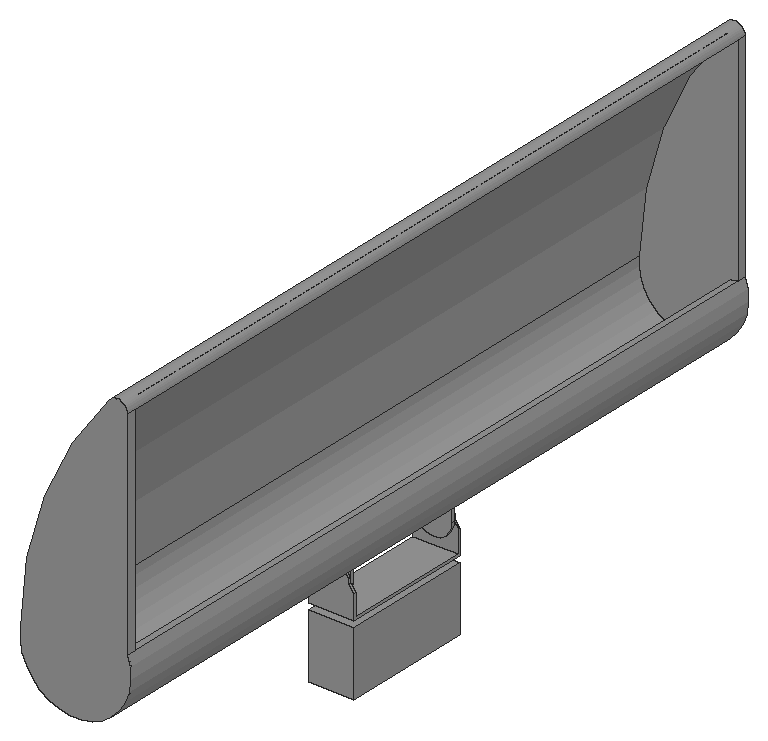
Revit family "Alcon-13252-Revit-Family", category Generic Models, host Face, Revit 2023
Family settings
  Host = Face
  Can host rebar = No
  Round Connector Dimension = Use Diameter
  Part Type = Normal
  Cut with Voids When Loaded = No
  Maintain Annotation Orientation = No
  Shared = No
  Room Calculation Point = No
Parameters (values of type "12"")
  URL = "https://www.alconlighting.com/"
  Product Page = "https://www.alconlighting.com/13252-metropolitan.html"
  Model = "13252"
  Manufacturer = "Alcon Lighting"
  Housing = Housing
  Fixture Rotation = 90.00°
  Default Elevation = 4' - 0"
  8" = no
  12" = yes
Types (3): name | Manufacturer | 8" | 12"
  (no name) | "Alcon Lighting" | no | yes
  8" | "Alcon Ligthing" | yes | no
  12" | "Alcon Lighting" | no | yes
Reference planes (in)
  plane 1 "Center (Front/Back)": y = 0
  plane 2: z = 0
  plane 3 "Center (Left/Right)": x = 0
Forms (in)
  Extrusion 1, solid, material "Housing" <- "Housing"
    sketch origin (0, 0, 0) x (1, 0, 0) y (0, 0, 1)
      loop
        line (-0.35212, 1.10441) -> (0.35212, 1.10441) -> (0.35212, 1.47099) -> (0.27939, 1.59202)
        arc (0.27939, 1.59202) -> (0, 1.83875) -> (-0.27939, 1.59202) r 0.28156
        line (-0.27939, 1.59202) -> (-0.35212, 1.47099) -> (-0.35212, 1.10441)
    from -1.03125 to 1.03125
  Extrusion 2, void
    sketch origin (0, 0, 0) x (0, 1, 0) y (0, 0, 1)
      loop
        line (-1, 1.84729) -> (-1, 1.13566) -> (1, 1.13566) -> (1, 1.84729) -> (-1, 1.84729)
    from -0.35212 to 0.35212
  Extrusion 3, solid, material "Housing" <- "Housing"
    sketch origin (0, 0, 0) x (1, 0, 0) y (0, 1, 0)
      loop
        line (-0.35212, 1.03125) -> (-0.35212, -1.03125) -> (0.35212, -1.03125) -> (0.35212, 1.03125) -> (-0.35212, 1.03125)
    from 0 to 1.00398
  Extrusion 4, solid, material "Housing" <- "Housing"
    sketch origin (0, 0, 1.00398) x (1, 0, 0) y (0, 1, 0)
      loop
        circle (-0.04572, 0) r 0.13152
    from 0 to 0.10044
Cuts and joins
  Extrusion 2 cuts Extrusion 1
Lines and regions (in)
  reference lines
    curve 1: line (-3.10628, 0, 1.55719) -> (3.56014, 0, 1.55719)
  model lines
    curve 2: line (0, 0.96875, 1.52464) -> (0, 0.96875, 1.2767)
Dimensions and locks (in)
  Extrusion 2 to curve 1 = 0' - 0.42153"
  "Fixture Rotation": angle nested 1 to curve 1
  "Fixture Rotation": angle curve 1 to nested 2
  aligned and locked: plane 2 to host face
  aligned and locked: level to host face
  aligned and locked: Extrusion 2 to Extrusion 1
  aligned and locked: Extrusion 1 to Extrusion 2
  aligned and locked: Extrusion 3 to level
  aligned and locked: Extrusion 4 to cut or joined group of Extrusion 1, Extrusion 2
  aligned and locked: Extrusion 4 to Extrusion 3
Automatic sketch dimensions
  host sketch curve to host sketch curve = 8' - 0"  (x2)
  curve 1 to plane 3 "Center (Left/Right)" = 0' - 3.10628"
  level to curve 1 = 0' - 1.55719"
  plane 3 "Center (Left/Right)" to curve 1 = 0' - 3.56014"
  Extrusion 1 sketch curve to plane 3 "Center (Left/Right)" = 0' - 0"
  plane 3 "Center (Left/Right)" to Extrusion 1 sketch curve = 0' - 0.35212"
  level to Extrusion 1 sketch curve = 0' - 1.10441"
  Extrusion 1 sketch curve to Extrusion 1 sketch curve = 0' - 0.45278"
  Extrusion 1 sketch curve to Extrusion 1 sketch curve = 0' - 0.07272"  (x2)
  Extrusion 1 sketch curve to Extrusion 1 sketch curve = 0' - 0.0862"  (x2)
  Extrusion 1 sketch curve to plane 3 "Center (Left/Right)" = 0' - 0.35212"
  Extrusion 1 sketch curve to Extrusion 1 sketch curve = 0' - 0.12103"
  level to curve 2 = 0' - 1.2767"
  curve 2 to plane 1 "Center (Front/Back)" = 0' - 0 31/32"
  curve 2 to curve 2 = 0' - 0.24793"
  plane 1 "Center (Front/Back)" to Extrusion 2 sketch curve = 0' - 1"
  level to Extrusion 2 sketch curve = 0' - 1.13566"
  Extrusion 2 sketch curve to plane 1 "Center (Front/Back)" = 0' - 1"
  Extrusion 2 sketch curve to Extrusion 2 sketch curve = 0' - 0.71162"
  Extrusion 3 sketch curve to plane 3 "Center (Left/Right)" = 0' - 0.35212"
  plane 3 "Center (Left/Right)" to Extrusion 3 sketch curve = 0' - 0.35212"
  plane 1 "Center (Front/Back)" to Extrusion 3 sketch curve = 0' - 1 1/32"
  Extrusion 3 sketch curve to plane 1 "Center (Front/Back)" = 0' - 1 1/32"
  Extrusion 4 sketch curve to Extrusion 3 = 0' - 0.30639"
  Extrusion 4 sketch curve to Extrusion 3 = 0' - 1 1/32"
  radius of Extrusion 4 sketch curve = 0' - 0.13152"
Nested families (in)
  nested 1: "Alcon-13252-8-Housing-Revit-Family" at (0, 0, 1.55719) x (1, 0, 0) z (0, -1, 0), visible <- "8"", type "Alcon-13252-8-Housing-Revit-Family"
    with built-in parameter 1001306 0.5 (stored number, unit not read)
  nested 2: "Alcon-13252-12-Housing-Revit-Family" at (0, 0, 1.55719) x (1, 0, 0) z (0, -1, 0), visible <- "12"", type "Alcon-13252-12-Housing-Revit-Family"
    with built-in parameter 1001306 0.33333 (stored number, unit not read)
Definition of nested family "Alcon-13252-8-Housing-Revit-Family"
  Parameters (values of type "Alcon-13252-8-Housing-Revit-Family")
    Wattage = 9.2903 W
    built-in parameter 1150110 = 1 (stored number, unit not read)
    built-in parameter 1114217 = 1 (stored number, unit not read)
    Tilt Angle = 90.00°
    built-in parameter 1150109 = 1 (stored number, unit not read)
    built-in parameter 1150134 = 3
    built-in parameter 1150113 = 1 (stored number, unit not read)
    Photometric Web File = "Alcon-13252-8-IES.ies"
    built-in parameter 1150105 = 109.82 (stored number, unit not read)
    Lumens = 1380 lm
    built-in parameter 1150115 = 1 (stored number, unit not read)
    built-in parameter 1150137 = (empty or 0)
    built-in parameter 1150139 = (empty or 0)
    built-in parameter 1001306 [instance] = 4' - 0"
    built-in parameter 1150112 = 1 (stored number, unit not read)
    built-in parameter 1150114 = 1 (stored number, unit not read)
    built-in parameter 1150132 = (empty or 0)
    built-in parameter 1150102 = (empty or 0)
    built-in parameter 1150107 = 3200 (stored number, unit not read)
    built-in parameter 1150138 = (empty or 0)
    built-in parameter 1150106 = 1.0982 (stored number, unit not read)
    Housing = none
    Emit from Rectangle Width = 0' - 7 3/4"
    Emit from Rectangle Length = 0' - 0 1/2"
    Emit Shape Visible in Rendering = yes
    built-in parameter 1150104 = 13.8 (stored number, unit not read)
    Dimming Lamp Color Temperature Shift = (empty or 0)
    Default Elevation = 0' - 0"
    Color Filter = 16777215
    built-in parameter 1114218 = 1 (stored number, unit not read)
    built-in parameter 1150133 = 10 (stored number, unit not read)
  Reference planes (in)
    plane 1 "Center (Front/Back)": y = 0
    plane 2: z = 0
    plane 3 "Left": x = 0
    plane 4 "Right": x = 48
  Forms (in)
    Extrusion 1, solid, material <- "Housing"
      sketch origin (0, 0, 0) x (1, 0, 0) y (0, 1, 0)
        loop
          arc (-0.85776, 1.21749) -> (0.09764, 0.24887) -> (0.81133, 1.40716) r 0.86471
          line (0.81133, 1.40716) -> (0.81133, 4.76644)
          arc (0.81133, 4.76644) -> (0.70732, 4.91598) -> (0.53093, 4.87048) r 0.1595
          arc (0.53093, 4.87048) -> (-0.48384, 3.1658) -> (-0.85776, 1.21749) r 5.74048
      from -4 to 4
    Extrusion 2, void
      sketch origin (0, 0, 0) x (1, 0, 0) y (0, 1, 0)
        loop
          arc (0.62568, 4.78894) -> (-0.36828, 3.11803) -> (-0.73288, 1.20832) r 5.61548
          arc (-0.73288, 1.20832) -> (0.09085, 0.37394) -> (0.68633, 1.38396) r 0.73971
          line (0.68633, 1.38396) -> (0.81133, 1.40716) -> (0.81133, 4.76644) -> (0.68633, 4.76644)
          arc (0.68633, 4.76644) -> (0.66383, 4.79879) -> (0.62568, 4.78894) r 0.0345
      from -3.875 to 3.875
    Extrusion 3, solid, material <- "Housing"
      sketch origin (0, 0, 0) x (1, 0, 0) y (0, 1, 0)
        loop
          arc (-0.27859, -0.03255) -> (0.0163, -0.28001) -> (0.28049, 0) r 0.28049
          line (0.28049, 0) -> (0.28049, 0.29009)
          arc (0.28049, 0.29009) -> (0.001, 0.24334) -> (-0.27859, 0.28945) r 0.86471
          line (-0.27859, 0.28945) -> (-0.27859, -0.03255)
      from -1 to 1
    Extrusion 4, void
      sketch origin (0, 0, 0) x (0, 1, 0) y (0, 0, 1)
        loop
          line (0.2582, 0.96875) -> (-0.28409, 0.96875) -> (-0.28409, -0.96875) -> (0.2582, -0.96875) -> (0.2582, 0.96875)
      from -0.27859 to 0.28049
  Cuts and joins
    Extrusion 2, Extrusion 4 cuts Extrusion 1
    Extrusion 4 cuts Extrusion 3
  Lines and regions (in)
    reference lines
      curve 1: line (0, 0, 0) -> (48, 0, 0)
      curve 2: line (0, 8.25, 4) -> (0, -4.75, 4)
      curve 3: line (0, 8.25, -4) -> (0, -4.75, -4)
      curve 4: line (0, 8.25, 3.875) -> (0, -4.75, 3.875)
      curve 5: line (0, 8.25, -3.875) -> (0, -4.75, -3.875)
    model lines
      curve 6: line (0, 0, 0) -> (0, 14, 0)
  Dimensions and locks (in)
    "built-in parameter 1001306": plane 3 "Left" to plane 4 "Right"
    aligned and locked: plane 4 "Right" to curve 1
    aligned and locked: plane 1 "Center (Front/Back)" to curve 1
    aligned and locked: plane 3 "Left" to curve 1
    aligned and locked: level to plane 2
    aligned and locked: curve 3 to Extrusion 1
    aligned and locked: Extrusion 1 to curve 2
    aligned and locked: curve 5 to Extrusion 2
    aligned and locked: Extrusion 2 to curve 4
    aligned and locked: cut or joined group of Extrusion 3, Extrusion 4 to Extrusion 4
    aligned and locked: Extrusion 4 to cut or joined group of Extrusion 3, Extrusion 4
  Automatic sketch dimensions
    Extrusion 1 sketch curve to plane 3 "Left" = 0' - 0"
    plane 3 "Left" to Extrusion 1 sketch curve = 0' - 0.65183"
    Extrusion 1 sketch curve to Extrusion 1 sketch curve = 0' - 0.1595"
    Extrusion 1 sketch curve to plane 1 "Center (Front/Back)" = 0' - 1.12597"
    Extrusion 1 sketch curve to Extrusion 1 sketch curve = 0' - 4.07066"
    Extrusion 1 sketch curve to plane 1 "Center (Front/Back)" = 0' - 1.10805"
    Extrusion 1 sketch curve to Extrusion 1 sketch curve = 0' - 3.65839"
    Extrusion 1 sketch curve to plane 3 "Left" = 0' - 0.85776"
    Extrusion 1 sketch curve to Extrusion 1 sketch curve = 0' - 0"
    level to curve 2 = 0' - 4"
    curve 3 to level = 0' - 4"
    plane 1 "Center (Front/Back)" to curve 2 = 0' - 4 3/4"
    plane 1 "Center (Front/Back)" to curve 3 = 0' - 4 3/4"
    curve 3 to plane 1 "Center (Front/Back)" = 0' - 8 1/4"
    curve 2 to curve 3 = 0' - 0"
    curve 4 to curve 2 = 0' - 0"  (x2)
    curve 4 to curve 2 = 0' - 0 1/8"
    curve 5 to curve 3 = 0' - 0"  (x2)
    curve 3 to curve 5 = 0' - 0 1/8"
    Extrusion 2 sketch curve to plane 3 "Left" = 0' - 0"
    plane 3 "Left" to Extrusion 2 sketch curve = 0' - 0.65183"
    Extrusion 2 sketch curve to plane 1 "Center (Front/Back)" = 0' - 1.12597"
    Extrusion 2 sketch curve to Extrusion 2 sketch curve = 0' - 4.07066"
    Extrusion 2 sketch curve to plane 1 "Center (Front/Back)" = 0' - 1.10805"
    Extrusion 2 sketch curve to plane 3 "Left" = 0' - 0.73288"
    Extrusion 2 sketch curve to Extrusion 2 sketch curve = 0' - 0 1/8"
    Extrusion 2 sketch curve to Extrusion 2 sketch curve = 0' - 0.2759"
    Extrusion 2 sketch curve to Extrusion 2 sketch curve = 0' - 0.02321"
    plane 3 "Left" to Extrusion 2 sketch curve = 0' - 0.68633"
    Extrusion 2 sketch curve to Extrusion 2 sketch curve = 0' - 0.0345"
    Extrusion 2 sketch curve to Extrusion 2 sketch curve = 0' - 3.35927"
    Extrusion 3 sketch curve to plane 3 "Left" = 0' - 0"  (x2)
    plane 1 "Center (Front/Back)" to Extrusion 3 sketch curve = 0' - 0"
    Extrusion 3 sketch curve to plane 1 "Center (Front/Back)" = 0' - 0.28945"
    Extrusion 3 sketch curve to plane 1 "Center (Front/Back)" = 0' - 0.29009"
    plane 1 "Center (Front/Back)" to Extrusion 3 sketch curve = 0' - 0.03255"
    plane 3 "Left" to Extrusion 3 sketch curve = 0' - 0.28049"
    Extrusion 4 sketch curve to plane 1 "Center (Front/Back)" = 0' - 0.2582"
    Extrusion 4 sketch curve to level = 0' - 0 31/32"
    level to Extrusion 4 sketch curve = 0' - 0 31/32"
    plane 1 "Center (Front/Back)" to Extrusion 4 sketch curve = 0' - 0.28409"
    curve 6 to plane 3 "Left" = 0' - 0"
    plane 1 "Center (Front/Back)" to curve 6 = 0' - 0"
    curve 6 to curve 6 = 1' - 2"
Definition of nested family "Alcon-13252-12-Housing-Revit-Family"
  Parameters (values of type "Alcon-13252-12-Housing-Revit-Family")
    Wattage = 9.2903 W
    built-in parameter 1150110 = 1 (stored number, unit not read)
    built-in parameter 1114217 = 1 (stored number, unit not read)
    Tilt Angle = 90.00°
    built-in parameter 1150109 = 1 (stored number, unit not read)
    built-in parameter 1150134 = 3
    built-in parameter 1150113 = 1 (stored number, unit not read)
    Photometric Web File = "Alcon-13252-8-IES.ies"
    built-in parameter 1150105 = 109.82 (stored number, unit not read)
    Lumens = 1380 lm
    built-in parameter 1150115 = 1 (stored number, unit not read)
    built-in parameter 1150137 = (empty or 0)
    built-in parameter 1150139 = (empty or 0)
    built-in parameter 1001306 [instance] = 4' - 0"
    built-in parameter 1150112 = 1 (stored number, unit not read)
    built-in parameter 1150114 = 1 (stored number, unit not read)
    built-in parameter 1150132 = (empty or 0)
    built-in parameter 1150102 = (empty or 0)
    built-in parameter 1150107 = 3200 (stored number, unit not read)
    built-in parameter 1150138 = (empty or 0)
    built-in parameter 1150106 = 1.0982 (stored number, unit not read)
    Housing = none
    Emit from Rectangle Width = 0' - 11 3/4"
    Emit from Rectangle Length = 0' - 0 1/2"
    Emit Shape Visible in Rendering = yes
    built-in parameter 1150104 = 13.8 (stored number, unit not read)
    Dimming Lamp Color Temperature Shift = (empty or 0)
    Default Elevation = 0' - 0"
    Color Filter = 16777215
    built-in parameter 1114218 = 1 (stored number, unit not read)
    built-in parameter 1150133 = 10 (stored number, unit not read)
  Reference planes (in)
    plane 1 "Center (Front/Back)": y = 0
    plane 2: z = 0
    plane 3 "Left": x = 0
    plane 4 "Right": x = 48
  Forms (in)
    Extrusion 1, solid, material <- "Housing"
      sketch origin (0, 0, 0) x (1, 0, 0) y (0, 1, 0)
        loop
          arc (-0.85776, 1.21749) -> (0.09764, 0.24887) -> (0.81133, 1.40716) r 0.86471
          line (0.81133, 1.40716) -> (0.81133, 4.76644)
          arc (0.81133, 4.76644) -> (0.70732, 4.91598) -> (0.53093, 4.87048) r 0.1595
          arc (0.53093, 4.87048) -> (-0.48384, 3.1658) -> (-0.85776, 1.21749) r 5.74048
      from -6 to 6
    Extrusion 2, void
      sketch origin (0, 0, 0) x (1, 0, 0) y (0, 1, 0)
        loop
          arc (0.62568, 4.78894) -> (-0.36828, 3.11803) -> (-0.73288, 1.20832) r 5.61548
          arc (-0.73288, 1.20832) -> (0.09085, 0.37394) -> (0.68633, 1.38396) r 0.73971
          line (0.68633, 1.38396) -> (0.81133, 1.40716) -> (0.81133, 4.76644) -> (0.68633, 4.76644)
          arc (0.68633, 4.76644) -> (0.66383, 4.79879) -> (0.62568, 4.78894) r 0.0345
      from -5.875 to 5.875
    Extrusion 3, solid, material <- "Housing"
      sketch origin (0, 0, 0) x (1, 0, 0) y (0, 1, 0)
        loop
          arc (-0.27859, -0.03255) -> (0.0163, -0.28001) -> (0.28049, 0) r 0.28049
          line (0.28049, 0) -> (0.28049, 0.29009)
          arc (0.28049, 0.29009) -> (0.001, 0.24334) -> (-0.27859, 0.28945) r 0.86471
          line (-0.27859, 0.28945) -> (-0.27859, -0.03255)
      from -1 to 1
    Extrusion 4, void
      sketch origin (0, 0, 0) x (0, 1, 0) y (0, 0, 1)
        loop
          line (0.2582, 0.96875) -> (-0.28409, 0.96875) -> (-0.28409, -0.96875) -> (0.2582, -0.96875) -> (0.2582, 0.96875)
      from -0.27859 to 0.28049
  Cuts and joins
    Extrusion 2, Extrusion 4 cuts Extrusion 1
    Extrusion 4 cuts Extrusion 3
  Lines and regions (in)
    reference lines
      curve 1: line (0, 0, 0) -> (48, 0, 0)
      curve 2: line (0, 8.25, 6) -> (0, -4.75, 6)
      curve 3: line (0, 8.25, -6) -> (0, -4.75, -6)
      curve 4: line (0, 8.25, 5.875) -> (0, -4.75, 5.875)
      curve 5: line (0, 8.25, -5.875) -> (0, -4.75, -5.875)
    model lines
      curve 6: line (0, 0, 0) -> (0, 14, 0)
  Dimensions and locks (in)
    "built-in parameter 1001306": plane 3 "Left" to plane 4 "Right"
    aligned and locked: plane 4 "Right" to curve 1
    aligned and locked: plane 1 "Center (Front/Back)" to curve 1
    aligned and locked: plane 3 "Left" to curve 1
    aligned and locked: level to plane 2
    aligned and locked: curve 3 to Extrusion 1
    aligned and locked: Extrusion 1 to curve 2
    aligned and locked: curve 5 to Extrusion 2
    aligned and locked: Extrusion 2 to curve 4
    aligned and locked: cut or joined group of Extrusion 3, Extrusion 4 to Extrusion 4
    aligned and locked: Extrusion 4 to cut or joined group of Extrusion 3, Extrusion 4
  Automatic sketch dimensions
    Extrusion 1 sketch curve to plane 3 "Left" = 0' - 0"
    plane 3 "Left" to Extrusion 1 sketch curve = 0' - 0.65183"
    Extrusion 1 sketch curve to Extrusion 1 sketch curve = 0' - 0.1595"
    Extrusion 1 sketch curve to plane 1 "Center (Front/Back)" = 0' - 1.12597"
    Extrusion 1 sketch curve to Extrusion 1 sketch curve = 0' - 4.07066"
    Extrusion 1 sketch curve to plane 1 "Center (Front/Back)" = 0' - 1.10805"
    Extrusion 1 sketch curve to Extrusion 1 sketch curve = 0' - 3.65839"
    Extrusion 1 sketch curve to plane 3 "Left" = 0' - 0.85776"
    Extrusion 1 sketch curve to Extrusion 1 sketch curve = 0' - 0"
    level to curve 2 = 0' - 6"
    curve 3 to level = 0' - 6"
    plane 1 "Center (Front/Back)" to curve 2 = 0' - 4 3/4"
    plane 1 "Center (Front/Back)" to curve 3 = 0' - 4 3/4"
    curve 3 to plane 1 "Center (Front/Back)" = 0' - 8 1/4"
    curve 2 to curve 3 = 0' - 0"
    curve 4 to curve 2 = 0' - 0"  (x2)
    curve 4 to curve 2 = 0' - 0 1/8"
    curve 5 to curve 3 = 0' - 0"  (x2)
    curve 3 to curve 5 = 0' - 0 1/8"
    Extrusion 2 sketch curve to plane 3 "Left" = 0' - 0"
    plane 3 "Left" to Extrusion 2 sketch curve = 0' - 0.65183"
    Extrusion 2 sketch curve to plane 1 "Center (Front/Back)" = 0' - 1.12597"
    Extrusion 2 sketch curve to Extrusion 2 sketch curve = 0' - 4.07066"
    Extrusion 2 sketch curve to plane 1 "Center (Front/Back)" = 0' - 1.10805"
    Extrusion 2 sketch curve to plane 3 "Left" = 0' - 0.73288"
    Extrusion 2 sketch curve to Extrusion 2 sketch curve = 0' - 0 1/8"
    Extrusion 2 sketch curve to Extrusion 2 sketch curve = 0' - 0.2759"
    Extrusion 2 sketch curve to Extrusion 2 sketch curve = 0' - 0.02321"
    plane 3 "Left" to Extrusion 2 sketch curve = 0' - 0.68633"
    Extrusion 2 sketch curve to Extrusion 2 sketch curve = 0' - 0.0345"
    Extrusion 2 sketch curve to Extrusion 2 sketch curve = 0' - 3.35927"
    Extrusion 3 sketch curve to plane 3 "Left" = 0' - 0"  (x2)
    plane 1 "Center (Front/Back)" to Extrusion 3 sketch curve = 0' - 0"
    Extrusion 3 sketch curve to plane 1 "Center (Front/Back)" = 0' - 0.28945"
    Extrusion 3 sketch curve to plane 1 "Center (Front/Back)" = 0' - 0.29009"
    plane 1 "Center (Front/Back)" to Extrusion 3 sketch curve = 0' - 0.03255"
    plane 3 "Left" to Extrusion 3 sketch curve = 0' - 0.28049"
    Extrusion 4 sketch curve to plane 1 "Center (Front/Back)" = 0' - 0.2582"
    Extrusion 4 sketch curve to level = 0' - 0 31/32"
    level to Extrusion 4 sketch curve = 0' - 0 31/32"
    plane 1 "Center (Front/Back)" to Extrusion 4 sketch curve = 0' - 0.28409"
    curve 6 to plane 3 "Left" = 0' - 0"
    plane 1 "Center (Front/Back)" to curve 6 = 0' - 0"
    curve 6 to curve 6 = 1' - 2"
